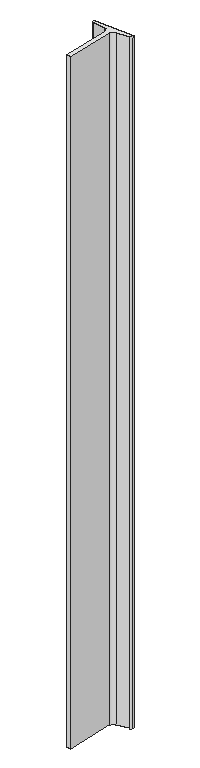
Revit family "M_ST Formas-Coluna", category Pilares estruturais, Revit 2019
Family settings
  Forma do corte = Flange inclinado dividido em I
  Material para o comportamento do modelo = Aço
  Exportar sempre como geometria = Não
  Redução da viga na planta = Da caixa de vinculação
  Family Name Key = M_ST Shapes-Column
  Nome do código = AISC 14.1
  Número OmniClass = 23.25.30.11.14.11
  Título OmniClass = Columns
  ID de item do Seek = ST-Shapes-Column-0000-CAN-ENU
  Corte com vazios quando carregada = Não
  Representação simbólica = Das configurações de projeto
  Compartilhado = Não
  Exibir o pré-corte da família na vista da planta = Sim
Parameters (values of type "ST230X52")
  Largura = 159.00 mm
  Espessura da teia = 18.1000 mm
  Concordância da teia = 17.6000 mm
  Constante da empena = 1890000000.0 mm6
  Momento de inércia de torção = 841000.00 mm4
  Structural Material [instance] = Aço, 45-345
  Ângulo inclinado da flange = 9.46234°
  Chave do nome do corte = ""
  Área de corte = 6650.0 mm²
  Eixo fraco do módulo plástico = 117000.0 mm³
  Eixo forte do módulo plástico = 411000.0 mm³
  Peso nominal = 52.00 kgf/m
  Eixo fraco do momento de inércia = 4990000.00 mm4
  Eixo forte do momento de inércia = 35200000.00 mm4
  Altura = 229.00 mm
  Localização da espessura do flange = 35.2250 mm
  Espessura do flange = 17.6000 mm
  Concordância do flange = 8.8000 mm
  Eixo fraco do módulo de elasticidade = 62900.0 mm³
  Eixo forte do módulo de elasticidade = 229000.0 mm³
  Centróide vertical = 154.30 mm
  Centróide horizontal = Largura / 2  # 79.5000 mm
  Espaçamento do parafuso = 88.9 mm
  Assembly Code = ""
Reference planes
  plane 1 "Centro (Frente/Trás)": y = 0
  plane 2: z = 0
  plane 3 "Centro (Esquerda/Direita)": x = 0
  plane 4: x = -79.5
  plane 5: x = 79.5
  plane 6: y = 74.7
  plane 7: y = -154.3
Forms (mm)
  Sweep 1, solid, material "Aço, 45-345" <- "Structural Material", detail levels fine
    path origin (0, 0, 0) x (1, 0, 0) y (0, 0, 1)
      loop
        line (0, 0) -> (0, 2500)
    profile "ST-Forma-Perfil-Fino : ST-Forma-Perfil-Fino" origin (0, 0, 1250) x (-1, 0, 0) y (0, -1, 0)
      loop
        line (-79.5, -70.426) -> (-79.5, -74.7) -> (79.5, -74.7) -> (79.5, -70.426)
        arc (79.5, -70.426) -> (77.415, -64.737) -> (72.147, -61.745) r 8.8
        line (72.147, -61.745) -> (44.275, -57.1) -> (23.757, -53.68)
        arc (23.757, -53.68) -> (13.221, -47.696) -> (9.05, -36.32) r 17.6
        line (9.05, -36.32) -> (9.05, 154.3) -> (-9.05, 154.3) -> (-9.05, -36.32)
        arc (-9.05, -36.32) -> (-13.221, -47.696) -> (-23.757, -53.68) r 17.6
        line (-23.757, -53.68) -> (-44.275, -57.1) -> (-72.147, -61.745)
        arc (-72.147, -61.745) -> (-77.415, -64.737) -> (-79.5, -70.426) r 8.8
  Sweep 2, solid, material "Aço, 45-345" <- "Structural Material", detail levels medium
    path origin (0, 0, 0) x (1, 0, 0) y (0, 0, 1)
      loop
        line (0, 0) -> (0, 2500)
    profile "ST-Forma-Perfil-Médio : ST-Forma-Perfil-Médio" origin (0, 0, 1250) x (-1, 0, 0) y (0, -1, 0)
      loop
        line (-79.5, -62.971) -> (-79.5, -74.7) -> (79.5, -74.7) -> (79.5, -62.971) -> (44.275, -57.1) -> (9.05, -51.229) -> (9.05, 154.3) -> (-9.05, 154.3) -> (-9.05, -51.229) -> (-44.275, -57.1) -> (-79.5, -62.971)
Lines and regions (mm)
  symbolic lines, style "StructuralColumnStickSymbols", detail levels coarse
    curve 1: line (-79.5, 74.7, 0) -> (79.5, 74.7, 0)
    curve 2: line (0, 74.7, 0) -> (0, -154.3, 0)
  symbolic lines, style "Faces ocultas", detail levels medium+fine
    curve 3: line (-9.05, 0, 0) -> (-9.05, 0, 2500)
    curve 4: line (9.05, 0, 2500) -> (9.05, 0, 0)
Dimensions and locks
  equal spacing: plane 4, plane 3 "Centro (Esquerda/Direita)", plane 5
  "Altura": plane 7 to plane 6
  "Largura": plane 4 to plane 5
  "Centróide vertical": plane 7 to plane 1 "Centro (Frente/Trás)"
  aligned and locked: level to plane 2
  aligned and locked: level to Sweep 1 sketch curve  (x2)
  aligned and locked: plane 3 "Centro (Esquerda/Direita)" to Sweep 1 sketch curve
  aligned and locked: plane 3 "Centro (Esquerda/Direita)" to Sweep 2 sketch curve
  aligned and locked: level to Sweep 2 sketch curve  (x2)
  aligned and locked: curve 2 to plane 3 "Centro (Esquerda/Direita)"
  aligned and locked: plane 6 to curve 1
  aligned and locked: plane 5 to curve 1
  aligned and locked: plane 6 to curve 2
  aligned and locked: plane 7 to curve 2
  aligned and locked: level to curve 3  (x2)
  aligned and locked: curve 3 to Sweep 2
  aligned and locked: level to curve 4  (x2)
  aligned and locked: curve 4 to Sweep 2
Automatic sketch dimensions
  curve 1 to plane 4 = 0.00 mm
Types in the file's own list only (27): name | Largura | Espessura da teia | Concordância da teia | Constante da empena | Momento de inércia de torção | Ângulo inclinado da flange | Chave do nome do corte | Área de corte | Eixo fraco do módulo plástico | Eixo forte do módulo plástico | Peso nominal | Eixo fraco do momento de inércia | Eixo forte do momento de inércia | Altura | Localização da espessura do flange | Espessura do flange | Concordância do flange | Eixo fraco do módulo de elasticidade | Eixo forte do módulo de elasticidade | Centróide vertical | Centróide horizontal | Espaçamento do parafuso
  ST305X90 | 204.0000 mm | 20.3000 mm | 27.7000 mm | 7380000000.0 mm6 | 2660000.00 mm4 | 9.46° | "ST 12X60.5" | 11500.0 mm² | 297000.0 mm³ | 893000.0 mm³ | 90.00 kgf/m | 17300000.00 mm4 | 108000000.00 mm4 | 312.0000 mm | 45.9250 mm | 27.7000 mm | 13.8500 mm | 169000.0 mm³ | 493000.0 mm³ | 219.8000 mm | 102.0000 mm | 101.6 mm
  ST305X79 | 200.0000 mm | 15.7000 mm | 27.7000 mm | 4030000000.0 mm6 | 2100000.00 mm4 | 9.46° | "ST 12X53" | 10100.0 mm² | 274000.0 mm³ | 710000.0 mm³ | 79.00 kgf/m | 16000000.00 mm4 | 89900000.00 mm4 | 312.0000 mm | 46.0750 mm | 27.7000 mm | 13.8500 mm | 160000.0 mm³ | 395000.0 mm³ | 228.7000 mm | 100.0000 mm | 101.6 mm
  ST305X74.5 | 184.0000 mm | 18.9000 mm | 22.1000 mm | 5240000000.0 mm6 | 1570000.00 mm4 | 9.46° | "ST 12X50" | 9480.0 mm² | 197000.0 mm³ | 778000.0 mm³ | 74.50 kgf/m | 9860000.00 mm4 | 89500000.00 mm4 | 305.0000 mm | 41.2750 mm | 22.1000 mm | 11.0500 mm | 107000.0 mm³ | 431000.0 mm³ | 207.5000 mm | 92.0000 mm | 101.6 mm
  ST305X67 | 181.0000 mm | 15.9000 mm | 22.1000 mm | 3250000000.0 mm6 | 1250000.00 mm4 | 9.46° | "ST 12X45" | 8520.0 mm² | 184000.0 mm³ | 674000.0 mm³ | 67.00 kgf/m | 9280000.00 mm4 | 79100000.00 mm4 | 305.0000 mm | 41.2750 mm | 22.1000 mm | 11.0500 mm | 103000.0 mm³ | 370000.0 mm³ | 213.6000 mm | 90.5000 mm | 101.6 mm
  ST305X59.5 | 178.0000 mm | 12.7000 mm | 22.1000 mm | 1860000000.0 mm6 | 1020000.00 mm4 | 9.46° | "ST 12X40" | 7550.0 mm² | 170000.0 mm³ | 551000.0 mm³ | 59.50 kgf/m | 8740000.00 mm4 | 67400000.00 mm4 | 305.0000 mm | 41.3250 mm | 22.1000 mm | 11.0500 mm | 98300.0 mm³ | 305000.0 mm³ | 221.2000 mm | 89.0000 mm | 101.6 mm
  ST255X71.5 | 183.0000 mm | 20.3000 mm | 23.4000 mm | 4030000000.0 mm6 | 1730000.00 mm4 | 9.46° | "ST 10X48" | 9100.0 mm² | 205000.0 mm³ | 605000.0 mm³ | 71.50 kgf/m | 10400000.00 mm4 | 59500000.00 mm4 | 259.0000 mm | 40.6750 mm | 23.4000 mm | 11.7000 mm | 114000.0 mm³ | 333000.0 mm³ | 179.5000 mm | 91.5000 mm | 101.6 mm
  ST255X64 | 179.0000 mm | 16.8000 mm | 23.4000 mm | 2460000000.0 mm6 | 1370000.00 mm4 | 9.46° | "ST 10X43" | 8190.0 mm² | 190000.0 mm³ | 510000.0 mm³ | 64.00 kgf/m | 9700000.00 mm4 | 51600000.00 mm4 | 259.0000 mm | 40.5500 mm | 23.4000 mm | 11.7000 mm | 108000.0 mm³ | 282000.0 mm³ | 185.1000 mm | 89.5000 mm | 101.6 mm
  ST255X56 | 162.0000 mm | 16.1000 mm | 20.2000 mm | 1940000000.0 mm6 | 949000.00 mm4 | 9.46° | "ST 10X37.5" | 7100.0 mm² | 137000.0 mm³ | 469000.0 mm³ | 56.00 kgf/m | 6160000.00 mm4 | 45400000.00 mm4 | 254.0000 mm | 36.4750 mm | 20.2000 mm | 10.1000 mm | 75700.0 mm³ | 259000.0 mm³ | 176.0000 mm | 81.0000 mm | 88.9 mm
  ST255X49.1 | 159.0000 mm | 12.8000 mm | 20.2000 mm | 1080000000.0 mm6 | 741000.00 mm4 | 9.46° | "ST 10X33" | 6260.0 mm² | 126000.0 mm³ | 383000.0 mm³ | 49.10 kgf/m | 5700000.00 mm4 | 38700000.00 mm4 | 254.0000 mm | 36.5500 mm | 20.2000 mm | 10.1000 mm | 71900.0 mm³ | 211000.0 mm³ | 182.6000 mm | 79.5000 mm | 88.9 mm
  ST230X40.7 | 152.0000 mm | 11.7000 mm | 17.6000 mm | 607000000.0 mm6 | 483000.00 mm4 | 9.46° | "ST 9X27.35" | 5170.0 mm² | 99300.0 mm³ | 283000.0 mm³ | 40.70 kgf/m | 4330000.00 mm4 | 25900000.00 mm4 | 229.0000 mm | 35.0750 mm | 17.6000 mm | 8.8000 mm | 56500.0 mm³ | 157000.0 mm³ | 165.2000 mm | 76.0000 mm | 88.9 mm
  ST190X37 | 143.0000 mm | 14.0000 mm | 15.8000 mm | 542000000.0 mm6 | 437000.00 mm4 | 9.46° | "ST 7.5X25" | 4740.0 mm² | 81800.0 mm³ | 229000.0 mm³ | 37.00 kgf/m | 3240000.00 mm4 | 16900000.00 mm4 | 191.0000 mm | 32.2500 mm | 15.8000 mm | 7.9000 mm | 45200.0 mm³ | 127000.0 mm³ | 133.8000 mm | 71.5000 mm | 88.9 mm
  ST190X32 | 140.0000 mm | 10.4000 mm | 15.8000 mm | 267000000.0 mm6 | 318000.00 mm4 | 9.46° | "ST 7.5X21.45" | 4060.0 mm² | 74400.0 mm³ | 177000.0 mm³ | 32.00 kgf/m | 2970000.00 mm4 | 13700000.00 mm4 | 191.0000 mm | 32.4000 mm | 15.8000 mm | 7.9000 mm | 42400.0 mm³ | 98200.0 mm³ | 139.9000 mm | 70.0000 mm | 88.9 mm
  ST155X37 | 139.0000 mm | 17.4000 mm | 16.7000 mm | 529000000.0 mm6 | 566000.00 mm4 | 9.46° | "ST 6X25" | 4730.0 mm² | 84600.0 mm³ | 180000.0 mm³ | 37.00 kgf/m | 3240000.00 mm4 | 10400000.00 mm4 | 152.0000 mm | 30.4000 mm | 16.7000 mm | 8.3500 mm | 46500.0 mm³ | 99000.0 mm³ | 105.3000 mm | 69.5000 mm | 76.2 mm
  ST155X30.35 | 133.0000 mm | 11.7000 mm | 16.7000 mm | 211000000.0 mm6 | 350000.00 mm4 | 9.46° | "ST 6X20.4" | 3850.0 mm² | 72600.0 mm³ | 126000.0 mm³ | 30.40 kgf/m | 2810000.00 mm4 | 7870000.00 mm4 | 152.0000 mm | 30.3250 mm | 16.7000 mm | 8.3500 mm | 42100.0 mm³ | 70000.0 mm³ | 111.9000 mm | 66.5000 mm | 76.2 mm
  ST155X26 | 129.0000 mm | 10.9000 mm | 13.8000 mm | 149000000.0 mm6 | 218000.00 mm4 | 9.46° | "ST 6X17.5" | 3300.0 mm² | 55700.0 mm³ | 117000.0 mm³ | 26.00 kgf/m | 2050000.00 mm4 | 7160000.00 mm4 | 152.0000 mm | 29.5250 mm | 13.8000 mm | 6.9000 mm | 31800.0 mm³ | 64700.0 mm³ | 110.1000 mm | 64.5000 mm | 76.2 mm
  ST155X23.65 | 127.0000 mm | 8.8900 mm | 13.8000 mm | 97700000.0 mm6 | 182000.00 mm4 | 9.46° | "ST 6X15.9" | 3000.0 mm² | 52800.0 mm³ | 97300.0 mm³ | 23.70 kgf/m | 1940000.00 mm4 | 6160000.00 mm4 | 152.0000 mm | 29.5275 mm | 13.8000 mm | 6.9000 mm | 30600.0 mm³ | 54100.0 mm³ | 113.6000 mm | 63.5000 mm | 76.2 mm
  ST125X26 | 125.0000 mm | 15.1000 mm | 12.5000 mm | 195000000.0 mm6 | 263000.00 mm4 | 9.46° | "ST 5X17.5" | 3320.0 mm² | 50800.0 mm³ | 108000.0 mm³ | 26.00 kgf/m | 1730000.00 mm4 | 5200000.00 mm4 | 127.0000 mm | 27.4750 mm | 12.5000 mm | 6.2500 mm | 27500.0 mm³ | 59300.0 mm³ | 87.4000 mm | 62.5000 mm | 69.9 mm
  ST125X18.9 | 118.0000 mm | 7.9000 mm | 12.5000 mm | 46500000.0 mm6 | 125000.00 mm4 | 9.46° | "ST 5X12.7" | 2400.0 mm² | 40800.0 mm³ | 60600.0 mm³ | 18.90 kgf/m | 1400000.00 mm4 | 3240000.00 mm4 | 127.0000 mm | 27.5250 mm | 12.5000 mm | 6.2500 mm | 23600.0 mm³ | 33600.0 mm³ | 96.5000 mm | 59.0000 mm | 69.9 mm
  ST100X17 | 106.0000 mm | 11.2000 mm | 10.8000 mm | 45100000.0 mm6 | 113000.00 mm4 | 9.46° | "ST 4X11.5" | 2180.0 mm² | 30200.0 mm³ | 52300.0 mm³ | 17.00 kgf/m | 887000.00 mm4 | 2080000.00 mm4 | 102.0000 mm | 23.7000 mm | 10.8000 mm | 5.4000 mm | 16700.0 mm³ | 28800.0 mm³ | 72.8000 mm | 53.0000 mm | 57.2 mm
  ST100X13.7 | 102.0000 mm | 6.8800 mm | 10.8000 mm | 17200000.0 mm6 | 69500.00 mm4 | 9.46° | "ST 4X9.2" | 1740.0 mm² | 26100.0 mm³ | 33900.0 mm³ | 13.70 kgf/m | 766000.00 mm4 | 1450000.00 mm4 | 102.0000 mm | 23.7800 mm | 10.8000 mm | 5.4000 mm | 15100.0 mm³ | 18700.0 mm³ | 78.1000 mm | 51.0000 mm | 57.2 mm
  ST75X12.85 | 90.7000 mm | 11.8000 mm | 9.1000 mm | 20700000.0 mm6 | 75300.00 mm4 | 9.46° | "ST 3X8.6" | 1630.0 mm² | 19200.0 mm³ | 30300.0 mm³ | 12.90 kgf/m | 475000.00 mm4 | 882000.00 mm4 | 76.2000 mm | 19.7250 mm | 9.1200 mm | 4.5600 mm | 10500.0 mm³ | 16700.0 mm³ | 53.0000 mm | 45.3500 mm | 0.0 mm
  ST75X9.3 | 84.6000 mm | 5.8900 mm | 9.1000 mm | 5290000.0 mm6 | 34500.00 mm4 | 9.46° | "ST 3X6.25" | 1180.0 mm² | 15200.0 mm³ | 16600.0 mm³ | 9.30 kgf/m | 375000.00 mm4 | 524000.00 mm4 | 76.2000 mm | 19.6775 mm | 9.1200 mm | 4.5600 mm | 8870.0 mm³ | 8960.0 mm³ | 58.6000 mm | 42.3000 mm | 0.0 mm
  ST65X7.5 | 76.2000 mm | 5.4400 mm | 8.3000 mm | 2690000.0 mm6 | 23600.00 mm4 | 9.46° | "ST 2.5X5" | 942.0 mm² | 11200.0 mm³ | 10700.0 mm³ | 7.50 kgf/m | 248000.00 mm4 | 279000.00 mm4 | 63.5000 mm | 17.6900 mm | 8.2800 mm | 4.1400 mm | 6520.0 mm³ | 5700.0 mm³ | 49.0000 mm | 38.1000 mm | 0.0 mm
  ST50X7.05 | 71.1000 mm | 8.2800 mm | 7.4000 mm | 2670000.0 mm6 | 24600.00 mm4 | 9.46° | "ST 2X4.75" | 903.0 mm² | 9260.0 mm³ | 9700.0 mm³ | 7.05 kgf/m | 185000.00 mm4 | 192000.00 mm4 | 50.8000 mm | 15.7050 mm | 7.4400 mm | 3.7200 mm | 5190.0 mm³ | 5230.0 mm³ | 36.8000 mm | 35.5500 mm | 0.0 mm
  ST50X5.75 | 67.6000 mm | 4.9000 mm | 7.4000 mm | 1230000.0 mm6 | 15200.00 mm4 | 9.46° | "ST 2X3.85" | 729.0 mm² | 7950.0 mm³ | 6240.0 mm³ | 5.75 kgf/m | 156000.00 mm4 | 128000.00 mm4 | 50.8000 mm | 15.6750 mm | 7.4400 mm | 3.7200 mm | 4600.0 mm³ | 3240.0 mm³ | 39.4000 mm | 33.8000 mm | 0.0 mm
  ST37.5X5.6 | 63.8000 mm | 8.8600 mm | 6.6000 mm | 1330000.0 mm6 | 18000.00 mm4 | 9.46° | "ST 1.5X3.75" | 710.0 mm² | 6740.0 mm³ | 5750.0 mm³ | 5.60 kgf/m | 120000.00 mm4 | 83200.00 mm4 | 38.1000 mm | 13.7350 mm | 6.6000 mm | 3.3000 mm | 3770.0 mm³ | 3060.0 mm³ | 27.1000 mm | 31.9000 mm | 0.0 mm
  ST37.5X4.25 | 59.2000 mm | 4.3200 mm | 6.6000 mm | 508000.0 mm6 | 8990.00 mm4 | 9.46° | "ST 1.5X2.85" | 535.0 mm² | 5370.0 mm³ | 3210.0 mm³ | 4.25 kgf/m | 92800.00 mm4 | 47500.00 mm4 | 38.1000 mm | 13.7200 mm | 6.6000 mm | 3.3000 mm | 3150.0 mm³ | 1590.0 mm³ | 29.7400 mm | 29.6000 mm | 0.0 mm
